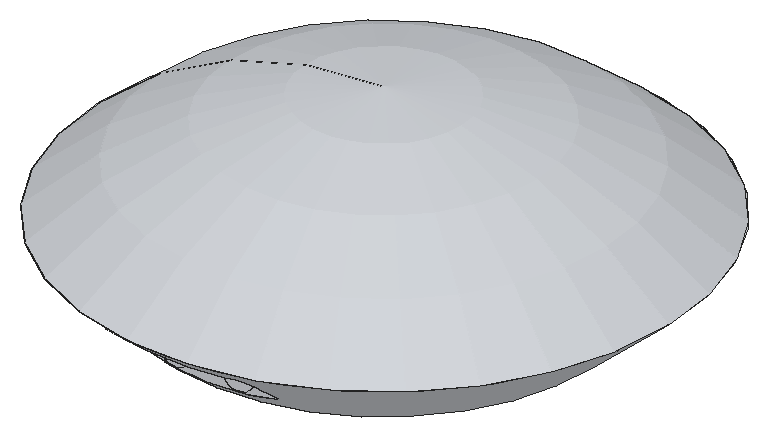
Revit family "0049009 Sylvania Lighting Fixture Start Surface IP66 1500lm 840 EM IK10 WHT", category Lighting Fixtures, host Face, Revit 2016
Family settings
  Host = Face
  Part Type = Normal
  Round Connector Dimension = Use Diameter
  OmniClass Number = 23.80.70.00
  OmniClass Title = Lighting
  Cut with Voids When Loaded = No
  Light Source = Yes
  Shared = No
  Room Calculation Point = No
Parameters (values of type "Type Name")
  power entry width = 90 mm
  power entry height = 28 mm
  power connector height = 12.5 mm
  power connector centres = 39 mm
  height = 110 mm
  connector position 2 = 40 mm
  connector length = 2 mm
  base height = 40 mm
  backplate diameter = 256 mm
  Weight = ""
  Wattage Comments = ""
  Wattage = 9.2903 W
  WarrantyStartDate [instance] = "n/a"
  WarrantyGuarantorParts = "n/a"
  WarrantyDurationUnit = "n/a"
  WarrantyDurationParts = "n/a"
  WarrantyDescription = "n/a"
  built-in parameter 1150110 = 1 (stored number, unit not read)
  Voltage = 0 V
  URL = "http://www.feilosylvania.com"
  TypeName = ""
  Type Image = <None>
  Type Comments = "n/a"
  Tube Diameter = 80 mm
  built-in parameter 1114217 = 1 (stored number, unit not read)
  Tilt Angle = 90.00°
  built-in parameter 1150109 = 1 (stored number, unit not read)
  built-in parameter 1150134 = 3
  built-in parameter 1150113 = 1 (stored number, unit not read)
  SerialNumber [instance] = "n/a"
  Photometric Web File = "0049009.ies"
  Material_3_FEILO = none
  PowerFactor = 0
  PowerConsumption = ""
  NominalLength = 0 mm
  NominalHeight = 0 mm
  NominalDepth = 0 mm
  Name = ""
  ModelReference = Name  # ""
  ModelNumber = ""
  Model = Name  # ""
  Material = ""
  ManufacturerName = "Feilo Sylvania"
  Manufacturer = "Feilo Sylvania"
  LuminousEfficacy = ""
  built-in parameter 1150105 = 109.82 (stored number, unit not read)
  Lumens = 1380 lm
  LuminaireType = ""
  built-in parameter 1150115 = 1 (stored number, unit not read)
  LightOutputRatio = ""
  built-in parameter 1150137 = (empty or 0)
  built-in parameter 1150139 = (empty or 0)
  LampsType = Lamp  # ""
  LampNominalLuminous = ""
  LampMacAdamStep = ""
  LampColourTemperature = ""
  LampColourRenderingIndex = ""
  built-in parameter 1150112 = 1 (stored number, unit not read)
  built-in parameter 1150114 = 1 (stored number, unit not read)
  Lamp = ""
  Keynote = "16500"
  InstallationDate [instance] = "n/a"
  InputVoltage = ""
  InputNominalFrequency = ""
  built-in parameter 1150132 = (empty or 0)
  built-in parameter 1150102 = (empty or 0)
  built-in parameter 1150107 = 3200 (stored number, unit not read)
  built-in parameter 1150138 = (empty or 0)
  IngressProtection = ""
  ImpactProtectionIndex = ""
  built-in parameter 1150106 = 1.0982 (stored number, unit not read)
  IfcExportType = "IfcLightFixtureType"
  IfcExportAs = "IfcLightFixtureType"
  Height = 250 mm
  ExpectedLife = 50000
  Emit from Circle Diameter = 609.6 mm
  Emit Shape Visible in Rendering = no
  ElectricShockClassification = ""
  built-in parameter 1150104 = 13.8 (stored number, unit not read)
  DurationUnit = "hours"
  DocumentationLiterature = ""
  DimmingControlOptions = ""
  Material_2_FEILO = none
  Dimming Lamp Color Temperature Shift = <None>
  Diameter = 350 mm
  Description = ""
  Default Elevation = 1219.2 mm
  CreatedOn = ""
  CreatedBy = ""
  Cost = 0
  Color Filter = 16777215
  built-in parameter 1114216 [instance] = (empty or 0)
  ClassificationValue = "EF_70_80"
  ClassificationName = "Uniclass2015"
  Material_1_FEILO = none
  BarCode [instance] = "n/a"
  built-in parameter 1114218 = 1 (stored number, unit not read)
  built-in parameter 1150133 = 10 (stored number, unit not read)
  AssetType = ""
  AssetIdentifier [instance] = "n/a"
  Assembly Code = "D5020200"
  Apparent Load = 0 VA
  Material_4_FEILO = none
Reference planes
  plane 1 "Center (Front/Back)": y = 0
  plane 2: z = 0
  plane 3 "Center (Left/Right)": x = 0
  plane 4: z = 0
  plane 5: y = 128
  plane 6: y = -128
  plane 7: y = 175
  plane 8: y = -175
  plane 9: z = 40
  plane 10: z = 110
  plane 11: x = -45.686
  plane 12: x = 44.314
  plane 13: z = 5
  plane 14: z = 33
  plane 15: y = -135
  plane 16: x = 19.5
  plane 17: x = -19.5
  plane 18: z = 20.5
  plane 19: y = -137
  plane 20: y = 135
Forms (mm)
  Blend 1, solid, detail levels medium+fine
    base sketch origin (4.2, 0, 0) x (1, 0, 0) y (0, 1, 0)
      loop
        circle (-4.2, 0) r 128
    top sketch origin (4.2, 0, 0) x (1, 0, 0) y (0, 1, 0)
      loop
        circle (-4.2, 0) r 175
    from 0 to 40
  Revolve 2, solid, detail levels medium+fine
    sketch origin (0, 0, 0) x (1, 0, 0) y (0, 0, 1)
      loop
        arc (175, 40) -> (94.148, 91.621) -> (0, 110) r 257.018
        line (0, 110) -> (0, 40) -> (175, 40)
      axis (0, 110) -> (0, 40)
    angle from -180 to 179.914
  Extrusion 3, void
    sketch origin (0, 0, 0) x (1, 0, 0) y (0, 0, 1)
      loop
        line (-45.686, 25.025) -> (-45.686, 5) -> (44.314, 5) -> (44.314, 25.025)
        arc (44.314, 25.025) -> (42.644, 30.018) -> (38.304, 33) r 8.297
        line (38.304, 33) -> (-39.676, 33)
        arc (-39.676, 33) -> (-44.015, 30.018) -> (-45.686, 25.025) r 8.297
    from 135 to 166.869
  Extrusion 4, solid, detail levels fine
    sketch origin (1524, -324.9, 1219.2) x (1, 0, 0) y (0, 0, 1)
      loop
        circle (-1504.5, -1198.7) r 11
      loop
        circle (-1543.5, -1198.7) r 11
    from -189.9 to -187.9
  Extrusion 5, void
    sketch origin (-0.686, -5.131, 0) x (-1, 0, 0) y (0, 0, 1)
      loop
        line (-45.686, 25.025) -> (-45.686, 5) -> (44.314, 5) -> (44.314, 25.025)
        arc (44.314, 25.025) -> (42.644, 30.018) -> (38.304, 33) r 8.297
        line (38.304, 33) -> (-39.676, 33)
        arc (-39.676, 33) -> (-44.015, 30.018) -> (-45.686, 25.025) r 8.297
    from 140.131 to 175.131
  Extrusion 6, solid
    sketch origin (1524, -52.9, 1219.2) x (1, 0, 0) y (0, 0, 1)
      loop
        circle (-1504.5, -1198.7) r 11
      loop
        circle (-1543.5, -1198.7) r 11
    from -189.9 to -187.9
  Extrusion 7, solid, detail levels coarse
    sketch origin (0, 1219.2, 38) x (1, 0, 0) y (0, 1, 0)
      loop
        line (175.117, -1396.13) -> (175.117, -1044.2) -> (-175, -1044.2) -> (-175, -1396.13) -> (175.117, -1396.13)
    from -38 to 72
Cuts and joins
  Extrusion 3, Extrusion 5 cuts Blend 1
  Extrusion 5 cuts Extrusion 4
Dimensions and locks
  "backplate diameter": plane 5 to plane 6
  equal spacing: plane 5, plane 1 "Center (Front/Back)", plane 6
  "Diameter": plane 7 to plane 8
  equal spacing: plane 7, plane 1 "Center (Front/Back)", plane 8
  "base height": plane 9 to level
  "height": plane 10 to host face
  "power entry width": plane 12 to plane 11
  plane 12 to imposter light to plane 11 = 44.201 mm, 45.799 mm
  "power entry height": plane 14 to plane 13
  "power connector centres": plane 17 to plane 16
  equal spacing: plane 17, plane 3 "Center (Left/Right)", plane 16
  "power connector height": plane 18 to plane 14
  "connector length": plane 15 to plane 19
  "connector position 2": plane 7 to plane 20
  aligned and locked: plane 2 to host face
  aligned and locked: level to host face
  aligned and locked: plane 10 to Extrusion 7
Automatic sketch dimensions
  host sketch curve to host sketch curve = 2438.4 mm  (x2)
  plane 1 "Center (Front/Back)" to Blend 1 sketch curve = 0 mm  (x2)
  Blend 1 sketch curve to plane 3 "Center (Left/Right)" = 0 mm  (x2)
  Revolve 2 sketch curve to plane 3 "Center (Left/Right)" = 0 mm  (x2)
  Revolve 2 sketch curve to plane 9 = 0 mm
  Revolve 2 sketch curve to plane 10 = 0 mm
  Revolve 2 sketch curve to plane 3 "Center (Left/Right)" = 1.306 mm
  plane 3 "Center (Left/Right)" to Revolve 2 sketch curve = 175 mm
  Revolve 2 sketch curve to level = 47.821 mm
  Revolve 2 sketch curve to Revolve 2 sketch curve = 80 mm
  Extrusion 3 sketch curve to plane 11 = 0 mm
  Extrusion 3 sketch curve to plane 14 = 0 mm
  Extrusion 3 sketch curve to plane 12 = 0 mm
  Extrusion 3 sketch curve to plane 13 = 0 mm
  plane 11 to Extrusion 3 sketch curve = 6.01 mm
  plane 18 to Extrusion 3 sketch curve = 4.525 mm  (x2)
  Extrusion 3 sketch curve to Extrusion 3 sketch curve = 8.297 mm
  plane 17 to Extrusion 4 sketch curve = 0 mm
  plane 16 to Extrusion 4 sketch curve = 0 mm
  Extrusion 4 sketch curve to plane 18 = 0 mm  (x2)
  Extrusion 5 sketch curve to plane 13 = 0 mm
  Extrusion 5 sketch curve to plane 14 = 0 mm
  plane 12 to Extrusion 5 sketch curve = 0.686 mm
  Extrusion 5 sketch curve to plane 12 = 5.324 mm
  plane 18 to Extrusion 5 sketch curve = 4.525 mm
  plane 11 to Extrusion 5 sketch curve = 8.982 mm
  plane 11 to Extrusion 5 sketch curve = 6.696 mm
  plane 11 to Extrusion 5 sketch curve = 0.686 mm
  plane 17 to Extrusion 6 sketch curve = 0 mm
  plane 16 to Extrusion 6 sketch curve = 0 mm
  Extrusion 6 sketch curve to plane 18 = 0 mm  (x2)
  Extrusion 7 sketch curve to plane 8 = 1.93 mm
  Extrusion 7 sketch curve to plane 11 = 129.314 mm
  plane 12 to Extrusion 7 sketch curve = 130.802 mm
  plane 5 to Extrusion 7 sketch curve = 47 mm
  radius of Blend 1 sketch curve = 128 mm
  radius of Blend 1 sketch curve = 175 mm
  radius of Extrusion 4 sketch curve = 11 mm  (x2)
  radius of Extrusion 6 sketch curve = 11 mm  (x2)
Connectors
  electrical at (19.5, 137, 20.5)
    settings: on Extrusion 6, index 1, voltage 0 V, apparent load 0 VA, apparent load phase1 0 VA, apparent load phase2 0 VA, apparent load phase3 0 VA, power factor 1, load classification "Other", number of poles 1, system type 31, power factor state 1, is connector primary yes, connector utility no, sub classification motor no, connector description ""
